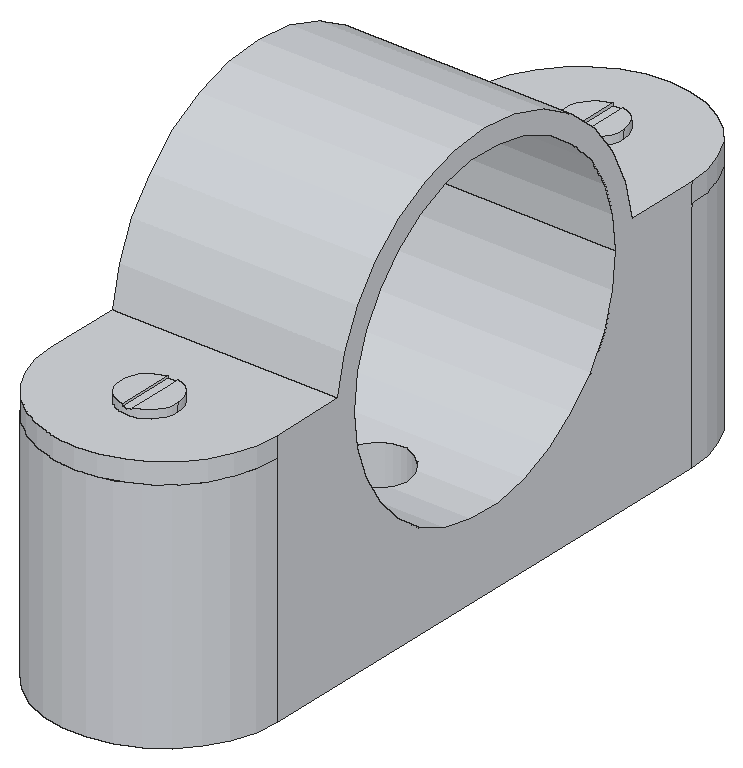
Revit family "DS3B", category Generic Models, Revit 2017
Family settings
  Can host rebar = No
  Round Connector Dimension = Use Diameter
  Part Type = Normal
  Work Plane-Based = Yes
  Always vertical = No
  Cut with Voids When Loaded = No
  Shared = No
  Room Calculation Point = No
Parameters (values of type "NBS Standard Parameters")
  Weight = "0.128Kg"
  WarrantyStartDate [instance] = "1900-12-31T23:59:59"
  WarrantyGuarantorParts = "n/a"
  WarrantyGuarantorLabor = "n/a"
  WarrantyDurationUnit = "year"
  WarrantyDurationParts = "n/a"
  WarrantyDurationLabor = "n/a"
  WarrantyDescription = "n/a"
  Version = "1"
  Uniclass2 = "PR_65_70_11_20"
  TagNumber [instance] = "n/a"
  SustainabilityPerformance = "n/a"
  Size = "32mm"
  Shape = "n/a"
  SerialNumber [instance] = "n/a"
  Revision = "n/a"
  ReplacementCost = "n/a"
  ProductInformation = "www.metpro.co.uk/pdf/ds3g.pdf"
  NominalWidth = 22 mm
  NominalLength = 72.5 mm
  NominalHeight = 39 mm
  Name = ""
  NBSTypeID = ""
  NBSReference = "90-55-10/460"
  NBSOfficeMasterTag = ""
  NBSNote = ""
  NBSDescription = "Conduit Fittings"
  NBSCertification = ""
  ModelReference = "DS3B"
  ModelNumber = "n/a"
  Material = "Cast  Body, Pressed Steel Strap"
  ManufacturerURL = "www.metpro.co.uk"
  ManufacturerName = "Metpro Ltd"
  Keynote = "Comprises of Body, Strap & 2 Screws"
  InstallationDate [instance] = "1900-12-31T23:59:59"
  IfcExportType = ""
  IfcExportAs = ""
  Grade = "n/a"
  Finish = "Black"
  Features = "n/a"
  ExpectedLife = "n/a"
  DurationUnit = "year"
  Description = "DS3B - 32mm Distance Saddle"
  Default Elevation = 1219.2 mm
  Constituents = "n/a"
  Color = "n/a"
  CodePerformance = "n/a"
  Category = "n/a"
  BarCode [instance] = "n/a"
  BIMObjectName = "Metpro_metprolibrary_conduitfittings_metalcomponent_steelaccessories"
  Author = "Metpro Limited"
  AssetType = ""
  AssetIdentifier [instance] = "n/a"
  AccessibilityPerformance = "n/a"
Reference planes
  plane 1 "Center (Front/Back)": y = 0
  plane 2: z = 0
  plane 3 "Center (Left/Right)": x = 0
Forms (mm)
  Extrusion 1, solid
    sketch origin (106.433, -99.866, 0) x (1, 0, 0) y (0, 1, 0)
      loop
        arc (35.857, 31.586) -> (24.857, 42.586) -> (13.857, 31.586) r 11
        line (13.857, 31.586) -> (13.857, -18.914)
        arc (13.857, -18.914) -> (24.857, -29.914) -> (35.857, -18.914) r 11
        line (35.857, -18.914) -> (35.857, 31.586)
    from 0 to 23
  Extrusion 2, void
    sketch origin (138.29, -117.28, 0) x (0, -1, 0) y (0, 0, 1)
      loop
        circle (-23.75, 23.246) r 16
    from -4 to 21.519
  Extrusion 3, solid
    sketch origin (142.29, -82.28, 0) x (0, -1, 0) y (0, 0, -1)
      loop
        line (-4.748, -23) -> (-25, -23) -> (-25, -25) -> (-6.609, -25)
        arc (-6.609, -25) -> (11.25, -40.754) -> (29.109, -25) r 18
        line (29.109, -25) -> (47.5, -25) -> (47.5, -23) -> (27.248, -23)
        arc (27.248, -23) -> (11.25, -38.754) -> (-4.748, -23) r 16
    from -24.378 to 3
  Extrusion 4, void
    sketch origin (142.29, -77.532, 23) x (0, -1, 0) y (1, 0, 0)
      loop
        line (41.248, 0) -> (-9.252, 0)
        arc (-9.252, 0) -> (-20.252, -11) -> (-9.252, -22) r 11
        line (-9.252, -22) -> (41.248, -22)
        arc (41.248, -22) -> (52.248, -11) -> (41.248, 0) r 11
      loop
        line (58.401, 7.345) -> (-26.599, 7.345) -> (-26.599, -26.202) -> (58.401, -26.202) -> (58.401, 7.345)
    from 0 to 18.891
  Extrusion 5, solid
    sketch origin (142.29, -77.532, 25) x (0, 1, 0) y (-1, 0, 0)
      loop
        circle (11.104, 11) r 2.807
      loop
        circle (-43.1, 11) r 2.807
    from 0 to 0.768
  Extrusion 6, void
    sketch origin (142.29, -77.532, 25.768) x (-1, 0, 0) y (0, 1, 0)
      loop
        line (11.423, -46.486) -> (11.423, -39.62) -> (10.423, -39.62) -> (10.423, -41.258) -> (10.423, -46.486) -> (11.423, -46.486)
      loop
        line (11.423, 14.49) -> (10.423, 14.49) -> (10.423, 9.262) -> (10.423, 7.623) -> (11.423, 7.623) -> (11.423, 14.49)
    from 0 to 0.2
  Extrusion 7, void
    sketch origin (106.433, -99.866, 0) x (1, 0, 0) y (0, 1, 0)
      loop
        circle (24.841, 6.336) r 3.5
    from 0 to 14.644
Cuts and joins
  Extrusion 2, Extrusion 7 cuts Extrusion 1
  Extrusion 4, Extrusion 7 cuts Extrusion 3
  joined: Extrusion 1, Extrusion 3
  Extrusion 6 cuts Extrusion 5
Dimensions and locks
  aligned and locked: level to plane 2
